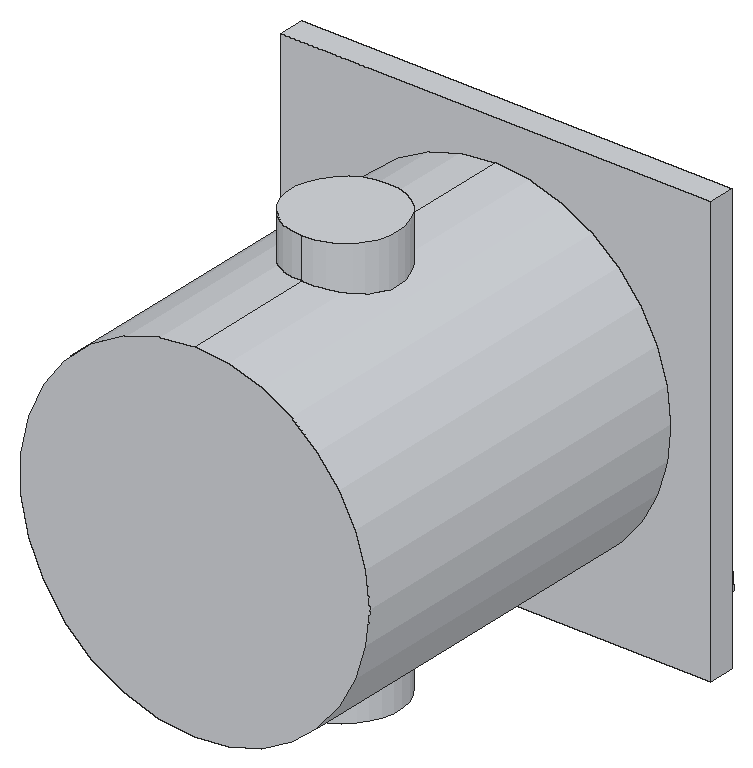
Revit family "LS_Daemmerungsschalter_V1700", category Lichtschalter, Revit 2017
Family settings
  Beschriftungsausrichtung beibehalten = Nein
  Bemaßung runder Anschluss = Durchmesser verwenden
  Teiletyp = Schalter
  OmniClass-Nummer = 23.80.70.00
  OmniClass-Titel = Lighting
  Arbeitsebenenbasiert = Nein
  Immer vertikal = Ja
  Beim Laden mit Abzugskörper schneiden = Nein
  Gemeinsam genutzt = Nein
  Raumberechnungspunkt = Nein
Parameters (values of type "allgemein")
  pbr_Material_KZ = ""
  pbr_Material = none
  pbr_E_Typ = ""
  pbr_E_KZ = ""
  pbr_DINBild = 0
  pbr_Bild = 0
  pbr_3Dx_Delta_Korrekturversatz [instance] = 0 mm
  pbr_3DX_Versatzfaktor [instance] = 0
  pbr_2DY_Versatzfaktor [instance] = 0
  pbr_2DX_Versatzfaktor [instance] = 0
  lfd_STRK [instance] = 0
  cpiFitMatchKey [instance] = "E-DS"
  Zentrale [instance] = ""
  Typ [instance] = ""
  Text3 [instance] = ""
  Text2 [instance] = ""
  Text1 [instance] = ""
  Schaltgruppe2 [instance] = 0
  Schaltgruppe1 [instance] = 0
  Planungsbüro Rohling = "www.pbr.de"
  Netzart = ""
  Menge(Dosenzahl) [instance] = 0
  Linie/Anschluss [instance] = ""
  Lastklassifizierung = none
  Installationsart [instance] = ""
  Info [instance] = ""
  IFC = ""
  Gewerk [instance] = "Schalt"
  Eckversatz [instance] = 0 mm
  YFrontversatz [instance] = if(pbr_2DY_Versatzfaktor = 300, 0 mm, pbr_2DY_Versatzfaktor * 300 mm)  # 0 mm
  XSeitenversatz [instance] = if(pbr_2DX_Versatzfaktor = 0, 3000 mm, 3000 mm + (pbr_2DX_Versatzfaktor * 300 mm)) + Eckversatz  # 3000 mm
  R_Leerrohranschluss = 10 mm
  Niveau [instance] = 1100 mm
  Dämmerungsschalter = yes
  Dosentiefe = 70 mm  # constant formula
  Dosenradius = 65 mm / 2  # 32.5 mm
  D_Leerrohranschluss = 2 * R_Leerrohranschluss  # 20 mm
  Breite = 80 mm
  3DX_Versatzkontrolle [instance] = if(pbr_3DX_Versatzfaktor = 0, (pbr_2DX_Versatzfaktor * -1), (((-1 * pbr_3DX_Versatzfaktor) + pbr_2DX_Versatzfaktor) * -1))  # 0
  3DX_Versatz [instance] = if([3DX_Versatzkontrolle] = 0, 2000 mm, 2000 mm + ([3DX_Versatzkontrolle] * (300 mm - Breite))) + pbr_3Dx_Delta_Korrekturversatz  # 2000 mm
  Platzierrahmen [instance] = no
Reference planes
  plane 1 "Mitte (Vorne/Hinten)": y = 0
  plane 2: z = 0
  plane 3 "Mitte (Links/Rechts)": x = 0
  plane 4: x = -125
  plane 5: x = 125
  plane 6: y = 300
  plane 7 "Schalterhinten": y = 0
  plane 8: x = 0
  plane 9: x = -2000
  plane 10: x = -40
  plane 11: x = 40
  plane 12: z = 1140
  plane 13: z = 1060
  plane 14 "SchalterVorne": y = 5
  plane 15 "3DSchalterMitte": x = 0
  plane 16: z = 1100
  plane 17: y = -70
  plane 18: y = -35
Forms (mm)
  Extrusion 1, solid
    sketch origin (0, 20, 0) x (0, 0, 1) y (-1, 0, 0)
      loop
        line (1060, 40) -> (1060, -40) -> (1140, -40) -> (1140, 40) -> (1060, 40)
    from 15 to 20
  Sweep 2, solid
    path origin (0, 0, 0) x (0, 0, 1) y (0, -1, 0)
      loop
        line (1100, 0) -> (1100, 70)
    profile origin (0, -35, 1100) x (0, 0, -1) y (1, 0, 0)
      loop
        circle (0, 0) r 32.5
  Sweep 3, solid
    path origin (0, 0, 0) x (1, 0, 0) y (0, 1, 0)
      loop
        line (-32.5, 0) -> (32.5, 0)
    profile origin (0, 0, 0) x (0, 1, 0) y (0, 0, 1)
      loop
        line (5, 1135) -> (5, 1066.102) -> (14.712, 1066.102) -> (7.47, 1135) -> (5, 1135)
  Sweep 4, solid
    path origin (0, 0, 0) x (0, 0, 1) y (0, -1, 0)
      loop
        line (1060, 35) -> (1140, 35)
    profile origin (0, -35, 1100) x (0, -1, 0) y (1, 0, 0)
      loop
        circle (0, 0) r 10
Cuts and joins
  joined: Sweep 2, Sweep 4
  joined: Extrusion 1, Sweep 3
Lines and regions (mm)
  model lines, visible <- "Platzierrahmen"
    curve 1: line (-125, 0, 0) -> (125, 0, 0)
    curve 2: line (-125, 300, 0) -> (-125, 0, 0)
    curve 3: line (125, 300, 0) -> (-125, 300, 0)
    curve 4: line (125, 0, 0) -> (125, 300, 0)
Dimensions and locks
  plane 4 to plane 5 = 250 mm
  plane 6 to plane 7 "Schalterhinten" = 300 mm
  equal spacing: plane 4, plane 8, plane 5, locked at 125 each
  "YFrontversatz": plane 1 "Mitte (Vorne/Hinten)" to plane 7 "Schalterhinten"
  plane 11 to plane 10 = 80 mm
  plane 12 to plane 13 = 80 mm
  plane 8 to plane 9 = 2000 mm
  equal spacing: plane 11, plane 15 "3DSchalterMitte", plane 10
  equal spacing: plane 12, plane 16, plane 13
  "Niveau": plane 16 to level
  "Dosentiefe": plane 1 "Mitte (Vorne/Hinten)" to plane 17
  plane 14 "SchalterVorne" to plane 1 "Mitte (Vorne/Hinten)" = 5 mm
  equal spacing: plane 17, plane 18, plane 1 "Mitte (Vorne/Hinten)"
  Sweep 3 sketch curve to plane 12 = 5 mm
  "3DX_Versatz": plane 15 "3DSchalterMitte" to plane 9
  locked: plane 8 to plane 9 at 2000
  "Breite": plane 11 to plane 10
  "Dosenradius": radius of Sweep 2 sketch curve
  "R_Leerrohranschluss": radius of Sweep 4 sketch curve
  aligned and locked: level to plane 2
  aligned and locked: curve 1 to plane 7 "Schalterhinten"
  aligned and locked: curve 2 to plane 4
  aligned and locked: curve 3 to plane 6
  aligned and locked: plane 5 to curve 4
  aligned and locked: plane 13 to Extrusion 1 sketch curve
  aligned and locked: Extrusion 1 sketch curve to plane 10
  aligned and locked: Extrusion 1 sketch curve to plane 12
  aligned and locked: plane 11 to Extrusion 1 sketch curve
  aligned and locked: plane 1 "Mitte (Vorne/Hinten)" to Extrusion 1
  aligned and locked: Extrusion 1 to plane 14 "SchalterVorne"
  aligned and locked: nested 1 to plane 8
  aligned and locked: nested 1 to plane 7 "Schalterhinten"
Automatic sketch dimensions
  Sweep 2 sketch curve to plane 16 = 0 mm
  Sweep 2 sketch curve to plane 1 "Mitte (Vorne/Hinten)" = 0 mm
  Sweep 2 sketch curve to plane 17 = 0 mm
  plane 1 "Mitte (Vorne/Hinten)" to Sweep 3 sketch curve = 0 mm
  plane 10 to Sweep 3 sketch curve = 7.5 mm
  Sweep 3 sketch curve to plane 11 = 7.5 mm
  Sweep 3 sketch curve to profile plane = 7.47 mm
  Sweep 3 sketch curve to profile plane = 14.712 mm
  Sweep 3 sketch curve to profile plane = 5 mm
  Sweep 3 sketch curve to Sweep 3 sketch curve = 68.898 mm
  Sweep 4 sketch curve to plane 13 = 0 mm
  plane 12 to Sweep 4 sketch curve = 0 mm
  Sweep 4 sketch curve to plane 18 = 0 mm
  Sweep 2 sketch curve to plane 15 "3DSchalterMitte" = 0 mm
  Sweep 2 sketch curve to profile plane = 0 mm
  Sweep 4 sketch curve to plane 15 "3DSchalterMitte" = 0 mm
  Sweep 4 sketch curve to profile plane = 0 mm
Nested families
  nested 1: "Dämmerungsschalter" at (0, 0, 0), visible <- "Dämmerungsschalter", type "Dämmerungsschalter"
Connectors
  electrical at (0, -35, 1140)
    settings: on cut or joined group of Sweep 2, Sweep 4, index 3, voltage 230 V, apparent load 0 VA, apparent load phase1 0 VA, apparent load phase2 0 VA, apparent load phase3 0 VA, power factor 1, load classification "Standard", number of poles 1, system type 31, power factor state 1, is connector primary yes, connector utility no, sub classification motor no, connector description ""
  cabletrayconduit at (0, -35, 1140), diameter 20, driven by "D_Leerrohranschluss"
    settings: on cut or joined group of Sweep 2, Sweep 4, index 4, connector width 300 mm, connector height 300 mm, connector angle 0.00°, system type 32, placement type 0, profile type 0, connector reference index -1, is primary connector yes, connector utility param no, connector description ""
  cabletrayconduit at (0, -35, 1060), diameter 20, driven by "D_Leerrohranschluss"
    settings: on cut or joined group of Sweep 2, Sweep 4, index 5, connector width 300 mm, connector height 300 mm, connector angle 0.00°, system type 32, placement type 0, profile type 0, connector reference index -1, is primary connector no, connector utility param no, connector description ""
Definition of nested family "Dämmerungsschalter"
  Reference planes
    plane 1 "Mitte (Vorne/Hinten)": y = 0
    plane 2: z = 0
    plane 3 "Mitte (Links/Rechts)": x = 0
    plane 4: x = 0
  Lines and regions (mm)
    Filled region 1, type "Beton", in view "Referenzebene"
      outline origin (-558.78, -173.107, 0) x (1, 0, 0) y (0, 1, 0)
        loop
          line (479.017, 343.107) -> (517.461, 343.107) -> (517.461, 352.18) -> (487.15, 352.18) -> (487.15, 420.032) -> (479.017, 420.032) -> (479.017, 343.107)
        loop
          line (521.541, 398.828) -> (536.614, 372.025) -> (520.345, 343.107) -> (529.492, 343.107) -> (541.178, 365.084) -> (552.767, 343.104) -> (562.047, 343.104) -> (545.467, 372.587) -> (560.871, 398.828) -> (552.076, 398.828) -> (540.926, 379.514) -> (530.965, 398.828) -> (521.541, 398.828)
        loop
          line (630.341, 407.071) -> (589.589, 385.554) -> (589.589, 376.775) -> (630.349, 354.955) -> (630.349, 364.338) -> (597.999, 381.091) -> (630.341, 397.678) -> (630.341, 407.071)
    detail lines, in view "Referenzebene"
      curve 1: line (157.5, 315, 0) -> (157.5, 0, 0)
      curve 2: line (157.5, 0, 0) -> (-157.5, 0, 0)
      curve 3: line (-157.5, 0, 0) -> (-157.5, 315, 0)
      curve 4: line (-157.5, 315, 0) -> (157.5, 315, 0)
      curve 5: line (-126.261, 55.268, 0) -> (-69.8, 55.268, 0)
      curve 6: line (-69.8, 55.268, 0) -> (63.182, 90.901, 0)
      curve 7: line (63.182, 55.268, 0) -> (124.228, 55.268, 0)
